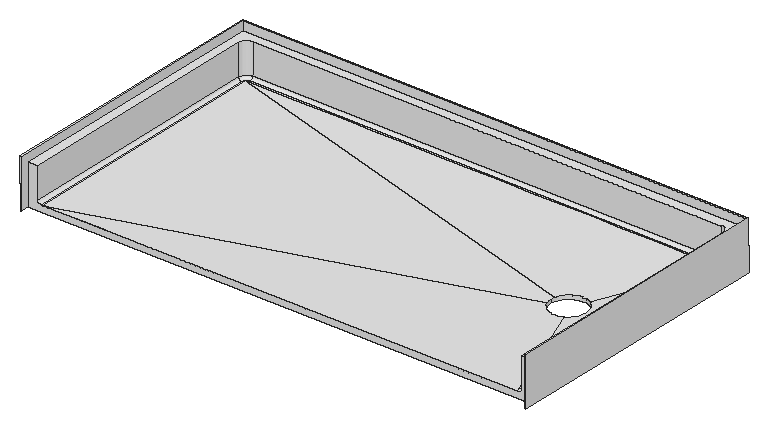
Revit family "P6032E75B,E2B", category Plumbing Fixtures, Revit 2014
Parameters (values of type "P6032E75B")
  Unit Width = 5' - 0"
  Unit Height = 0' - 5 3/4"
  URL = "http://www.best-bath.com/"
  Type Comments = "Barrier Free"
  Threshold Height = 0' - 0 3/4"
  Model = "P6032E75B"
  Material [instance] = Best Bath Gelcoat Fiberglass - Smooth
  Manufacturer = "Best Bath Systems, Inc."
  Keynote = "22 40 00.B3"
  Description = "Shower Pan, Beveled Threshold"
  Assembly Code = "D2010710"
Types (3): name | Unit Height | Threshold Height | Model
  (no name) | 0' - 5 3/4" | 0' - 0 3/4" | "P6032E75B"
  P6032E75B | 0' - 5 3/4" | 0' - 0 3/4" | "P6032E75B"
  P6032E2B | 0' - 7" | 0' - 2" | "P6032E2B"
Reference planes (in)
  plane 1 "Back": y = -2.5
  plane 2: z = 0
  plane 3 "Left": x = 0
  plane 4: x = 60
  plane 5: z = 4.75
  plane 6: z = 5.75
  plane 7: x = 51.5
  plane 8: y = 29.5
  plane 9: y = 13.5
  plane 10: x = 1.25
  plane 11: x = 58.75
  plane 12: y = 28.25
  plane 13: z = 0.75
  plane 14: z = 0.375
  plane 15: y = -3.5
Forms (in)
  Extrusion 1, solid, material "Best Bath Gelcoat Fiberglass - Smooth"
    sketch origin (0, 0, 0) x (1, 0, 0) y (0, 1, 0)
      loop
        line (0, -2.5) -> (1.25, -2.5) -> (1.25, 27.25)
        arc (1.25, 27.25) -> (1.54289, 27.95711) -> (2.25, 28.25) r 1
        line (2.25, 28.25) -> (57.75, 28.25)
        arc (57.75, 28.25) -> (58.45711, 27.95711) -> (58.75, 27.25) r 1
        line (58.75, 27.25) -> (58.75, -2.5) -> (60, -2.5) -> (60, 29.5) -> (0, 29.5) -> (0, -2.5)
    from 0 to 4.75
  Extrusion 2, solid, material "Best Bath Gelcoat Fiberglass - Smooth"
    sketch origin (0, 0, 0) x (1, 0, 0) y (0, 1, 0)
      loop
        line (0, -2.5) -> (60, -2.5) -> (60, 29.5) -> (0, 29.5) -> (0, -2.5)
      loop
        circle (51.5, 13.5) r 2.125
    from 0 to 0.75
  Sweep 3, solid, material "Best Bath Gelcoat Fiberglass - Smooth"
    path origin (0, 0, 0) x (1, 0, 0) y (0, 1, 0)
      loop
        line (58.75, -2.5) -> (58.75, 27.25)
        arc (58.75, 27.25) -> (58.45711, 27.95711) -> (57.75, 28.25) r 1
        line (57.75, 28.25) -> (2.25, 28.25)
        arc (2.25, 28.25) -> (1.54289, 27.95711) -> (1.25, 27.25) r 1
        line (1.25, 27.25) -> (1.25, -2.5)
    profile origin (1.25, 12.375, 0) x (1, 0, 0) y (0, 0, 1)
      loop
        line (0, 0.75) -> (0.375, 0.75)
        arc (0.375, 0.75) -> (0.10983, 0.85983) -> (0, 1.125) r 0.375
        line (0, 1.125) -> (0, 0.75)
  Blend 4, void
    base sketch origin (0, 0, 0) x (1, 0, 0) y (0, 1, 0)
      loop
        line (1.875, -2.5) -> (58.125, -2.5) -> (58.125, 27.625) -> (1.875, 27.625) -> (1.875, -2.5)
    top sketch origin (0, 0, 0) x (1, 0, 0) y (0, 1, 0)
      loop
        circle (51.5, 13.5) r 0.10467
    from 0.75 to 0.375
  Extrusion 5, solid, material "Best Bath Gelcoat Fiberglass - Smooth"
    sketch origin (0, 0, 0) x (1, 0, 0) y (0, 1, 0)
      loop
        line (0, -3.5) -> (0.125, -3.5) -> (0.125, 29.375) -> (59.875, 29.375) -> (59.875, -3.5) -> (60, -3.5) -> (60, 29.5) -> (0, 29.5) -> (0, -3.5)
    from 0 to 5.75
Cuts and joins
  Blend 4 cuts Extrusion 1
  Blend 4 cuts Extrusion 2
  Blend 4 cuts Sweep 3
  joined: Extrusion 1, Extrusion 2, Sweep 3, Extrusion 5
Dimensions and locks (in)
  "Unit Width": plane 3 "Left" to plane 4
  locked: plane 6 to plane 5 at 1
  "Unit Height": plane 6 to level
  plane 3 "Left" to plane 7 to plane 4 = 4' - 3 1/2", 0' - 8 1/2"
  locked: plane 8 to plane 12 at 1.25
  locked: plane 11 to plane 4 at 1.25
  locked: plane 3 "Left" to plane 10 at 1.25
  plane 8 to plane 9 = 1' - 4"
  locked: plane 13 to plane 14 at 0.375
  "Threshold Height": plane 13 to level
  equal spacing: plane 1 "Back", Blend 4 sketch curve, plane 9
  locked: plane 15 to plane 1 "Back" at 1
  locked: plane 8 to plane 15 at 33
  aligned and locked: level to plane 2
  aligned and locked: plane 9 to Extrusion 2 sketch curve
  aligned and locked: plane 7 to Extrusion 2 sketch curve
  aligned and locked: Sweep 3 to plane 13
  aligned and locked: Sweep 3 sketch curve to plane 13
  aligned and locked: Extrusion 2 to plane 13
  aligned and locked: plane 9 to Blend 4 sketch curve
  aligned and locked: plane 7 to Blend 4 sketch curve
  aligned and locked: Extrusion 2 to Blend 4
  aligned and locked: Blend 4 to plane 14
  aligned and locked: plane 5 to Extrusion 1
  aligned and locked: plane 6 to Extrusion 5
Automatic sketch dimensions
  plane 1 "Back" to Extrusion 1 sketch curve = 0' - 0"  (x2)
  Extrusion 1 sketch curve to plane 3 "Left" = 0' - 0"
  Extrusion 1 sketch curve to plane 4 = 0' - 0"
  Extrusion 1 sketch curve to plane 8 = 0' - 0"
  Extrusion 1 sketch curve to plane 10 = 0' - 0"
  Extrusion 1 sketch curve to plane 12 = 0' - 0"
  Extrusion 1 sketch curve to plane 11 = 0' - 0"
  Extrusion 1 sketch curve to plane 12 = 0' - 1"
  plane 10 to Extrusion 1 sketch curve = 0' - 1"
  Extrusion 2 sketch curve to plane 4 = 0' - 0"
  Extrusion 2 sketch curve to plane 8 = 0' - 0"
  profile plane to Sweep 3 sketch curve = 0' - 0"
  Sweep 3 sketch curve to profile plane = 0' - 0 3/8"
  Extrusion 2 sketch curve to plane 3 "Left" = 0' - 0"
  plane 1 "Back" to Extrusion 2 sketch curve = 0' - 0"
  plane 1 "Back" to Blend 4 sketch curve = 0' - 0"
  plane 10 to Blend 4 sketch curve = 0' - 0 5/8"
  Blend 4 sketch curve to plane 12 = 0' - 0 5/8"
  Blend 4 sketch curve to plane 11 = 0' - 0 5/8"
  plane 1 "Back" to Sweep 3 sketch curve = 0' - 0"  (x2)
  Sweep 3 sketch curve to plane 10 = 0' - 0"
  Sweep 3 sketch curve to plane 12 = 0' - 0"
  Sweep 3 sketch curve to plane 11 = 0' - 0"
  plane 10 to Sweep 3 sketch curve = 0' - 1"
  Sweep 3 sketch curve to Sweep 3 sketch curve = 0' - 1"
  Extrusion 5 sketch curve to plane 3 "Left" = 0' - 0"
  Extrusion 5 sketch curve to plane 15 = 0' - 0"  (x2)
  Extrusion 5 sketch curve to plane 4 = 0' - 0"
  Extrusion 5 sketch curve to plane 8 = 0' - 0"
  plane 3 "Left" to Extrusion 5 sketch curve = 0' - 0 1/8"
  Extrusion 5 sketch curve to Extrusion 5 sketch curve = 0' - 0 1/8"
  Extrusion 5 sketch curve to plane 8 = 0' - 0 1/8"
  radius of Extrusion 2 sketch curve = 0' - 2 1/8"
  radius of Blend 4 sketch curve = 0' - 0.10467"
